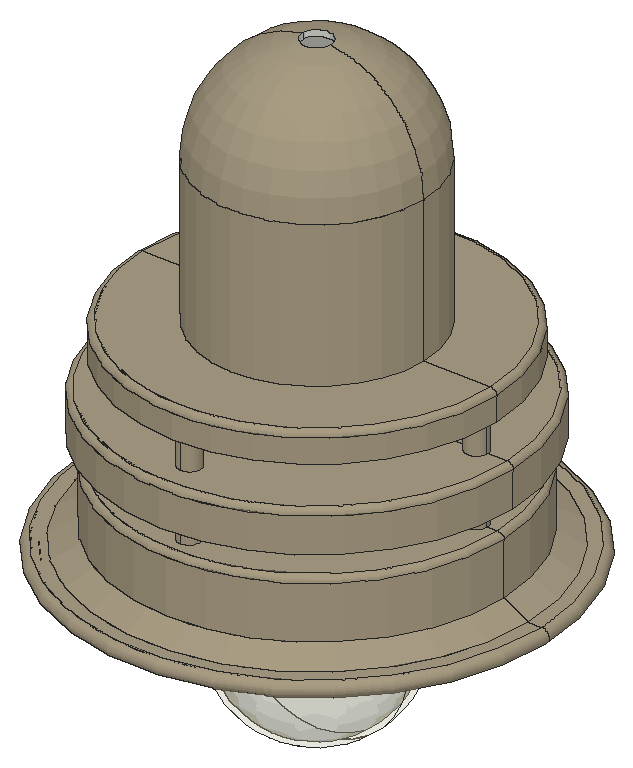
Revit family "L108 SHADE", category Lighting Fixtures, Revit 2024
Family settings
  Round Connector Dimension = Use Diameter
  Part Type = Normal
  OmniClass Number = 23.80.70.00
  OmniClass Title = Lighting
  Work Plane-Based = No
  Always vertical = Yes
  Cut with Voids When Loaded = No
  Light Source = Yes
  Maintain Annotation Orientation = No
  Shared = No
  Room Calculation Point = No
Parameters
  Wattage = 12.1178 W
  built-in parameter 1150110 = 1 (stored number, unit not read)
  built-in parameter 1114217 = 1 (stored number, unit not read)
  built-in parameter 1150109 = 1 (stored number, unit not read)
  built-in parameter 1150134 = (empty or 0)
  built-in parameter 1150113 = 1 (stored number, unit not read)
  Lumens = 1800 lm
  built-in parameter 1150115 = 1 (stored number, unit not read)
  built-in parameter 1150105 = 572.96 (stored number, unit not read)
  Light Source Symbol Size = 2' - 0"
  built-in parameter 1150137 = (empty or 0)
  built-in parameter 1150139 = (empty or 0)
  built-in parameter 1150112 = 1 (stored number, unit not read)
  built-in parameter 1150114 = 1 (stored number, unit not read)
  built-in parameter 1150132 = 2
  built-in parameter 1150102 = (empty or 0)
  built-in parameter 1150138 = (empty or 0)
  built-in parameter 1150107 = 3000 (stored number, unit not read)
  built-in parameter 1150106 = 5.7296 (stored number, unit not read)
  built-in parameter 1150104 = 13.8 (stored number, unit not read)
  Dimming Lamp Color Temperature Shift = (empty or 0)
  Default Elevation = 0' - 0"
  Color Filter = 16777215
  built-in parameter 1114218 = 1 (stored number, unit not read)
  built-in parameter 1150133 = 10 (stored number, unit not read)
Reference planes (in)
  plane 1 "Light Source Axis (F/B)": y = 0
  plane 2: z = 0
  plane 3 "Light Source Axis (L/R)": x = 0
  plane 4 "Light Source Elevation": z = 54
Forms (in)
  Revolve 1, solid
    sketch origin (0, 0, 0) x (1, 0, 0) y (0, 0, 1)
      loop
        line (-1.85, 60.15) -> (-1.85, 57.65423) -> (-3, 57.65423)
        arc (-3, 57.65423) -> (-3.07071, 57.62494) -> (-3.1, 57.55423) r 0.1
        line (-3.1, 57.55423) -> (-3.1, 57.15423) -> (-3.00625, 57.15423) -> (-3.00625, 57.56048) -> (-1.75625, 57.56048) -> (-1.75625, 60.15)
        arc (-1.75625, 60.15) -> (-1.3273, 61.30008) -> (-0.25, 61.88837) r 1.75625
        line (-0.25, 61.88837) -> (-0.25, 61.98303)
        arc (-0.25, 61.98303) -> (-1.39374, 61.36655) -> (-1.85, 60.15) r 1.85
      loop
        line (-1.85, 56.61135) -> (-3.28733, 56.61135)
        arc (-3.28733, 56.61135) -> (-3.35804, 56.58206) -> (-3.38733, 56.51135) r 0.1
        line (-3.38733, 56.51135) -> (-3.38733, 55.91135) -> (-3.29358, 55.91135) -> (-3.29358, 56.5176) -> (-1.85, 56.5176) -> (-1.85, 56.61135)
      loop
        line (-1.85, 55.4762) -> (-3.12625, 55.4762)
        arc (-3.12625, 55.4762) -> (-3.19696, 55.44692) -> (-3.22625, 55.3762) r 0.1
        line (-3.22625, 55.3762) -> (-3.22625, 54.4762) -> (-3.6441, 54.25) -> (-3.875, 54.25)
        arc (-3.875, 54.25) -> (-3.95155, 54.02618) -> (-3.75397, 54.15625) r 0.125
        line (-3.75397, 54.15625) -> (-3.62035, 54.15625) -> (-3.1325, 54.42035) -> (-3.1325, 55.38245) -> (-1.85, 55.38245) -> (-1.85, 55.4762)
      loop
        line (-1.6, 57.15423) -> (-1.6, 52.84878)
        arc (-1.6, 52.84878) -> (-1.13137, 51.71741) -> (0, 51.24878) r 1.6
        line (0, 51.24878) -> (0, 51.34253)
        arc (0, 51.34253) -> (-1.06508, 51.7837) -> (-1.50625, 52.84878) r 1.50625
        line (-1.50625, 52.84878) -> (-1.50625, 57.15423) -> (-1.6, 57.15423)
      axis (0, 61.98303) -> (0, 51.24878)
    angle from 0 to 360
  Sweep 2, solid
    path origin (0, 0, 0) x (1, 0, 0) y (0, 0, 1)
      loop
        line (-2.75, 57.56048) -> (-2.75, 55.4762)
    profile origin (-2.75, 0, 56.51834) x (0, -1, 0) y (1, 0, 0)
      loop
        circle (0, 0) r 0.1875
  Sweep 3, solid
    path origin (0, 0, 0) x (0, -1, 0) y (0, 0, 1)
      loop
        line (-2.75, 57.56048) -> (-2.75, 55.4762)
    profile origin (0, 2.75, 56.51834) x (-1, 0, 0) y (0, -1, 0)
      loop
        circle (0, 0) r 0.1875
  Sweep 4, solid
    path origin (0, 0, 0) x (0, 1, 0) y (0, 0, 1)
      loop
        line (-2.75, 57.56048) -> (-2.75, 55.4762)
    profile origin (0, -2.75, 56.51834) x (1, 0, 0) y (0, 1, 0)
      loop
        circle (0, 0) r 0.1875
  Sweep 5, solid
    path origin (0, 0, 0) x (-1, 0, 0) y (0, 0, 1)
      loop
        line (-2.75, 57.56048) -> (-2.75, 55.4762)
    profile origin (2.75, 0, 56.51834) x (0, 1, 0) y (-1, 0, 0)
      loop
        circle (0, 0) r 0.1875
Dimensions and locks (in)
  aligned and locked: plane 3 "Light Source Axis (L/R)" to imposter light
  aligned and locked: plane 1 "Light Source Axis (F/B)" to imposter light
  aligned and locked: plane 4 "Light Source Elevation" to imposter light
  aligned and locked: level to plane 2
